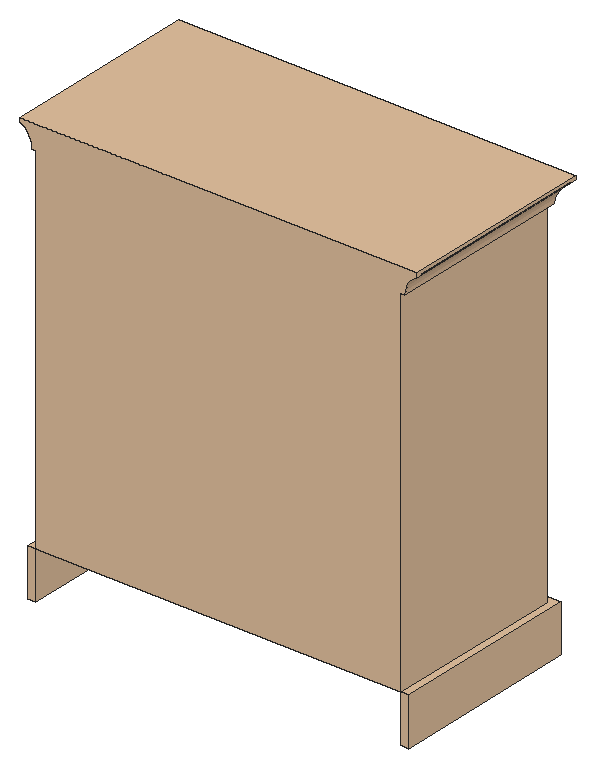
Revit family
Parameters (values of type "Dresser - Detailed")
  Material Handles = Metal - Copper
  Material Dresser = Wood - Cherry
  Keynote = "N"
  Assembly Code = "E2020200"
Reference planes
  plane 1 "Center F/B": y = 0
  plane 2: z = 0
  plane 3 "Center L/R": x = 0
Forms (mm)
  Extrusion 1, solid, material "Wood - Cherry" <- "Material Dresser"
    sketch origin (0, 609.6, 0) x (1, 0, 0) y (0, 0, 1)
      loop
        line (-609.6, 0) -> (-533.4, 0)
        arc (-533.4, 0) -> (-285.155, 84.405) -> (-36.909, 0) r 407.261
        line (-36.909, 0) -> (36.909, 0)
        arc (36.909, 0) -> (285.155, 84.405) -> (533.4, 0) r 407.261
        line (533.4, 0) -> (609.6, 0) -> (609.6, 152.4) -> (-609.6, 152.4) -> (-609.6, 0)
    from 0 to 25.4
  Extrusion 2, solid, material "Wood - Cherry" <- "Material Dresser"
    sketch origin (0, 0, 0) x (0, -1, 0) y (0, 0, 1)
      loop
        line (-584.2, 152.4) -> (-584.2, 0) -> (0, 0) -> (0, 152.4) -> (-584.2, 152.4)
    from 584.2 to 609.6
  Extrusion 3, solid, material "Wood - Cherry" <- "Material Dresser"
    sketch origin (1193.8, 25.4, 0) x (0, -1, 0) y (0, 0, 1)
      loop
        line (-558.8, 152.4) -> (-558.8, 0) -> (25.4, 0) -> (25.4, 152.4) -> (-558.8, 152.4)
    from 584.2 to 609.6
  Extrusion 4, solid, material "Wood - Cherry" <- "Material Dresser"
    sketch origin (0, 0, 0) x (1, 0, 0) y (0, 1, 0)
      loop
        line (-584.2, 584.2) -> (-584.2, 0) -> (584.2, 0) -> (584.2, 584.2) -> (-584.2, 584.2)
    from 152.4 to 1371.6
  Extrusion 5, solid, material "Wood - Cherry" <- "Material Dresser"
    sketch origin (-584.2, 0, 1371.6) x (0, 0, -1) y (1, 0, 0)
      loop
        line (101.6, 25.4) -> (330.2, 25.4) -> (330.2, 1143) -> (101.6, 1143) -> (101.6, 25.4)
    from -609.6 to -584.2
  Extrusion 6, solid, material "Wood - Cherry" <- "Material Dresser"
    sketch origin (-584.2, 0, 1085.85) x (0, 0, -1) y (1, 0, 0)
      loop
        line (95.25, 25.4) -> (323.85, 25.4) -> (323.85, 1143) -> (95.25, 1143) -> (95.25, 25.4)
    from -609.6 to -584.2
  Extrusion 7, solid, material "Wood - Cherry" <- "Material Dresser"
    sketch origin (-584.2, 0, 812.8) x (0, 0, -1) y (1, 0, 0)
      loop
        line (101.6, 25.4) -> (330.2, 25.4) -> (330.2, 1143) -> (101.6, 1143) -> (101.6, 25.4)
    from -609.6 to -584.2
  Extrusion 8, solid, material "Wood - Cherry" <- "Material Dresser"
    sketch origin (-584.2, 0, 565.15) x (0, 0, -1) y (1, 0, 0)
      loop
        line (133.35, 25.4) -> (361.95, 25.4) -> (361.95, 1143) -> (133.35, 1143) -> (133.35, 25.4)
    from -609.6 to -584.2
  Sweep 9, solid, material "Wood - Cherry" <- "Material Dresser"
    path origin (0, 0, 1371.6) x (1, 0, 0) y (0, 1, 0)
      loop
        line (584.2, 0) -> (584.2, 584.2) -> (-584.2, 584.2) -> (-584.2, 0)
    profile origin (0, 292.1, 1371.6) x (-1, 0, 0) y (0, 0, 1)
      loop
        line (-584.2, 0) -> (-635, 0) -> (-635, -12.7)
        arc (-635, -12.7) -> (-607.233, -39.22) -> (-596.9, -76.2) r 72.513
        line (-596.9, -76.2) -> (-584.2, -76.2) -> (-584.2, 0)
  Extrusion 10, solid, material "Metal - Copper" <- "Material Handles"
    sketch origin (-584.2, 584.2, 565.15) x (0, 0, -1) y (1, 0, 0)
      loop
        line (247.65, 533.4) -> (247.65, 546.1)
        arc (247.65, 546.1) -> (285.75, 584.2) -> (247.65, 622.3) r 38.1
        line (247.65, 622.3) -> (247.65, 635) -> (241.3, 635) -> (241.3, 615.95)
        arc (241.3, 615.95) -> (273.05, 584.2) -> (241.3, 552.45) r 31.75
        line (241.3, 552.45) -> (241.3, 533.4) -> (247.65, 533.4)
    from -31.75 to -25.4
  Extrusion 11, solid, material "Metal - Copper" <- "Material Handles"
    sketch origin (-584.2, 584.2, 812.8) x (0, 0, -1) y (1, 0, 0)
      loop
        line (215.9, 635) -> (215.9, 615.95)
        arc (215.9, 615.95) -> (246.747, 585.103) -> (215.9, 554.256) r 30.847
        line (215.9, 554.256) -> (215.9, 535.206) -> (222.25, 535.206) -> (222.25, 547.906)
        arc (222.25, 547.906) -> (259.447, 585.103) -> (222.25, 622.3) r 37.197
        line (222.25, 622.3) -> (222.25, 635) -> (215.9, 635)
    from -31.75 to -25.4
  Extrusion 12, solid, material "Metal - Copper" <- "Material Handles"
    sketch origin (-584.2, 584.2, 1085.85) x (0, 0, -1) y (1, 0, 0)
      loop
        line (209.55, 635) -> (209.55, 615.95)
        arc (209.55, 615.95) -> (241.3, 584.2) -> (209.55, 552.45) r 31.75
        line (209.55, 552.45) -> (209.55, 533.4) -> (215.9, 533.4) -> (215.9, 546.1)
        arc (215.9, 546.1) -> (254, 584.2) -> (215.9, 622.3) r 38.1
        line (215.9, 622.3) -> (215.9, 635) -> (209.55, 635)
    from -31.75 to -25.4
  Extrusion 13, solid, material "Metal - Copper" <- "Material Handles"
    sketch origin (-584.2, 584.2, 1371.6) x (0, 0, -1) y (1, 0, 0)
      loop
        line (215.9, 635) -> (215.9, 615.95)
        arc (215.9, 615.95) -> (247.65, 584.2) -> (215.9, 552.45) r 31.75
        line (215.9, 552.45) -> (215.9, 533.4) -> (222.25, 533.4) -> (222.25, 546.1)
        arc (222.25, 546.1) -> (260.35, 584.2) -> (222.25, 622.3) r 38.1
        line (222.25, 622.3) -> (222.25, 635) -> (215.9, 635)
    from -31.75 to -25.4
Cuts and joins
  joined: Extrusion 1, Extrusion 2, Extrusion 3
  joined: Extrusion 4, Sweep 9
Lines and regions (mm)
  symbolic lines
    curve 1: line (-635, 0, 0) -> (635, 0, 0)
    curve 2: line (-635, 635, 0) -> (-635, 0, 0)
    curve 3: line (635, 635, 0) -> (-635, 635, 0)
    curve 4: line (635, 0, 0) -> (635, 635, 0)
